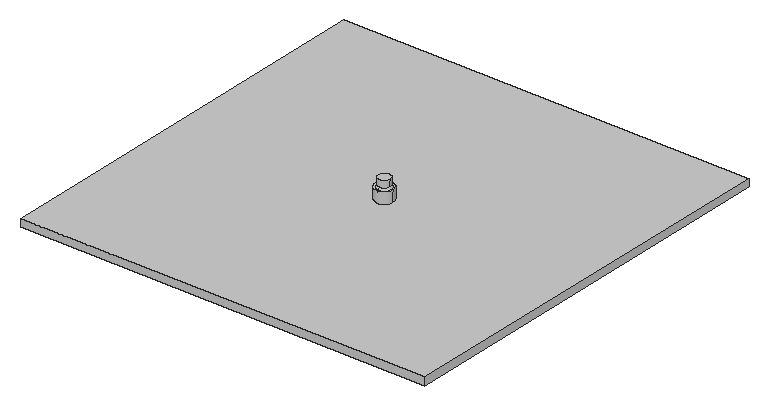
Revit family "SG0086523061CW", category Aparatos sanitarios, Revit 2019 (continued)
Forms (mm)
  Extrusion 1744, solid, material "Bronce" <- "Bronce"
    sketch origin (11.097, -686.426, 2438.4) x (1, 0, 0) y (0, 1, 0)
      loop
        circle (-336.097, 361.426) r 1
    from -53.305 to -53
  Extrusion 1745, solid, material "Bronce" <- "Bronce"
    sketch origin (50, -700, 2438.4) x (1, 0, 0) y (0, 1, 0)
      loop
        circle (-375, 375) r 0.896
    from -53.558 to -53.305
  Extrusion 1746, solid, material "Bronce" <- "Bronce"
    sketch origin (36.097, -686.426, 2438.4) x (1, 0, 0) y (0, 1, 0)
      loop
        circle (-336.097, 361.426) r 1
    from -53.305 to -53
  Extrusion 1747, solid, material "Bronce" <- "Bronce"
    sketch origin (75, -700, 2438.4) x (1, 0, 0) y (0, 1, 0)
      loop
        circle (-375, 375) r 0.896
    from -53.558 to -53.305
  Extrusion 1748, solid, material "Bronce" <- "Bronce"
    sketch origin (61.097, -686.426, 2438.4) x (1, 0, 0) y (0, 1, 0)
      loop
        circle (-336.097, 361.426) r 1
    from -53.305 to -53
  Extrusion 1749, solid, material "Bronce" <- "Bronce"
    sketch origin (100, -700, 2438.4) x (1, 0, 0) y (0, 1, 0)
      loop
        circle (-375, 375) r 0.896
    from -53.558 to -53.305
  Extrusion 1750, solid, material "Bronce" <- "Bronce"
    sketch origin (86.097, -686.426, 2438.4) x (1, 0, 0) y (0, 1, 0)
      loop
        circle (-336.097, 361.426) r 1
    from -53.305 to -53
  Extrusion 1751, solid, material "Bronce" <- "Bronce"
    sketch origin (125, -700, 2438.4) x (1, 0, 0) y (0, 1, 0)
      loop
        circle (-375, 375) r 0.896
    from -53.558 to -53.305
  Extrusion 1752, solid, material "Bronce" <- "Bronce"
    sketch origin (111.097, -686.426, 2438.4) x (1, 0, 0) y (0, 1, 0)
      loop
        circle (-336.097, 361.426) r 1
    from -53.305 to -53
  Extrusion 1753, solid, material "Bronce" <- "Bronce"
    sketch origin (150, -700, 2438.4) x (1, 0, 0) y (0, 1, 0)
      loop
        circle (-375, 375) r 0.896
    from -53.558 to -53.305
  Extrusion 1754, solid, material "Bronce" <- "Bronce"
    sketch origin (136.097, -686.426, 2438.4) x (1, 0, 0) y (0, 1, 0)
      loop
        circle (-336.097, 361.426) r 1
    from -53.305 to -53
  Extrusion 1755, solid, material "Bronce" <- "Bronce"
    sketch origin (175, -700, 2438.4) x (1, 0, 0) y (0, 1, 0)
      loop
        circle (-375, 375) r 0.896
    from -53.558 to -53.305
  Extrusion 1756, solid, material "Bronce" <- "Bronce"
    sketch origin (161.097, -686.426, 2438.4) x (1, 0, 0) y (0, 1, 0)
      loop
        circle (-336.097, 361.426) r 1
    from -53.305 to -53
  Extrusion 1757, solid, material "Bronce" <- "Bronce"
    sketch origin (200, -700, 2438.4) x (1, 0, 0) y (0, 1, 0)
      loop
        circle (-375, 375) r 0.896
    from -53.558 to -53.305
  Extrusion 1758, solid, material "Bronce" <- "Bronce"
    sketch origin (186.097, -686.426, 2438.4) x (1, 0, 0) y (0, 1, 0)
      loop
        circle (-336.097, 361.426) r 1
    from -53.305 to -53
  Extrusion 1759, solid, material "Bronce" <- "Bronce"
    sketch origin (225, -700, 2438.4) x (1, 0, 0) y (0, 1, 0)
      loop
        circle (-375, 375) r 0.896
    from -53.558 to -53.305
  Extrusion 1760, solid, material "Bronce" <- "Bronce"
    sketch origin (211.097, -686.426, 2438.4) x (1, 0, 0) y (0, 1, 0)
      loop
        circle (-336.097, 361.426) r 1
    from -53.305 to -53
  Extrusion 1761, solid, material "Bronce" <- "Bronce"
    sketch origin (250, -700, 2438.4) x (1, 0, 0) y (0, 1, 0)
      loop
        circle (-375, 375) r 0.896
    from -53.558 to -53.305
  Extrusion 1762, solid, material "Bronce" <- "Bronce"
    sketch origin (236.097, -686.426, 2438.4) x (1, 0, 0) y (0, 1, 0)
      loop
        circle (-336.097, 361.426) r 1
    from -53.305 to -53
  Extrusion 1763, solid, material "Bronce" <- "Bronce"
    sketch origin (275, -700, 2438.4) x (1, 0, 0) y (0, 1, 0)
      loop
        circle (-375, 375) r 0.896
    from -53.558 to -53.305
  Extrusion 1764, solid, material "Bronce" <- "Bronce"
    sketch origin (261.097, -686.426, 2438.4) x (1, 0, 0) y (0, 1, 0)
      loop
        circle (-336.097, 361.426) r 1
    from -53.305 to -53
  Extrusion 1765, solid, material "Bronce" <- "Bronce"
    sketch origin (300, -700, 2438.4) x (1, 0, 0) y (0, 1, 0)
      loop
        circle (-375, 375) r 0.896
    from -53.558 to -53.305
  Extrusion 1766, solid, material "Bronce" <- "Bronce"
    sketch origin (286.097, -686.426, 2438.4) x (1, 0, 0) y (0, 1, 0)
      loop
        circle (-336.097, 361.426) r 1
    from -53.305 to -53
  Extrusion 1767, solid, material "Bronce" <- "Bronce"
    sketch origin (325, -700, 2438.4) x (1, 0, 0) y (0, 1, 0)
      loop
        circle (-375, 375) r 0.896
    from -53.558 to -53.305
  Extrusion 1768, solid, material "Bronce" <- "Bronce"
    sketch origin (311.097, -686.426, 2438.4) x (1, 0, 0) y (0, 1, 0)
      loop
        circle (-336.097, 361.426) r 1
    from -53.305 to -53
  Extrusion 1769, solid, material "Bronce" <- "Bronce"
    sketch origin (350, -700, 2438.4) x (1, 0, 0) y (0, 1, 0)
      loop
        circle (-375, 375) r 0.896
    from -53.558 to -53.305
  Extrusion 1770, solid, material "Bronce" <- "Bronce"
    sketch origin (336.097, -686.426, 2438.4) x (1, 0, 0) y (0, 1, 0)
      loop
        circle (-336.097, 361.426) r 1
    from -53.305 to -53
  Extrusion 1771, solid, material "Bronce" <- "Bronce"
    sketch origin (375, -700, 2438.4) x (1, 0, 0) y (0, 1, 0)
      loop
        circle (-375, 375) r 0.896
    from -53.558 to -53.305
  Extrusion 1772, solid, material "Bronce" <- "Bronce"
    sketch origin (361.097, -686.426, 2438.4) x (1, 0, 0) y (0, 1, 0)
      loop
        circle (-336.097, 361.426) r 1
    from -53.305 to -53
  Extrusion 1773, solid, material "Bronce" <- "Bronce"
    sketch origin (400, -700, 2438.4) x (1, 0, 0) y (0, 1, 0)
      loop
        circle (-375, 375) r 0.896
    from -53.558 to -53.305
  Extrusion 1774, solid, material "Bronce" <- "Bronce"
    sketch origin (386.097, -686.426, 2438.4) x (1, 0, 0) y (0, 1, 0)
      loop
        circle (-336.097, 361.426) r 1
    from -53.305 to -53
  Extrusion 1775, solid, material "Bronce" <- "Bronce"
    sketch origin (425, -700, 2438.4) x (1, 0, 0) y (0, 1, 0)
      loop
        circle (-375, 375) r 0.896
    from -53.558 to -53.305
  Extrusion 1776, solid, material "Bronce" <- "Bronce"
    sketch origin (411.097, -686.426, 2438.4) x (1, 0, 0) y (0, 1, 0)
      loop
        circle (-336.097, 361.426) r 1
    from -53.305 to -53
  Extrusion 1777, solid, material "Bronce" <- "Bronce"
    sketch origin (450, -700, 2438.4) x (1, 0, 0) y (0, 1, 0)
      loop
        circle (-375, 375) r 0.896
    from -53.558 to -53.305
  Extrusion 1778, solid, material "Bronce" <- "Bronce"
    sketch origin (436.097, -686.426, 2438.4) x (1, 0, 0) y (0, 1, 0)
      loop
        circle (-336.097, 361.426) r 1
    from -53.305 to -53
  Extrusion 1779, solid, material "Bronce" <- "Bronce"
    sketch origin (475, -700, 2438.4) x (1, 0, 0) y (0, 1, 0)
      loop
        circle (-375, 375) r 0.896
    from -53.558 to -53.305
  Extrusion 1780, solid, material "Bronce" <- "Bronce"
    sketch origin (461.097, -686.426, 2438.4) x (1, 0, 0) y (0, 1, 0)
      loop
        circle (-336.097, 361.426) r 1
    from -53.305 to -53
  Extrusion 1781, solid, material "Bronce" <- "Bronce"
    sketch origin (500, -700, 2438.4) x (1, 0, 0) y (0, 1, 0)
      loop
        circle (-375, 375) r 0.896
    from -53.558 to -53.305
  Extrusion 1782, solid, material "Bronce" <- "Bronce"
    sketch origin (486.097, -686.426, 2438.4) x (1, 0, 0) y (0, 1, 0)
      loop
        circle (-336.097, 361.426) r 1
    from -53.305 to -53
  Extrusion 1783, solid, material "Bronce" <- "Bronce"
    sketch origin (525, -700, 2438.4) x (1, 0, 0) y (0, 1, 0)
      loop
        circle (-375, 375) r 0.896
    from -53.558 to -53.305
  Extrusion 1784, solid, material "Bronce" <- "Bronce"
    sketch origin (511.097, -686.426, 2438.4) x (1, 0, 0) y (0, 1, 0)
      loop
        circle (-336.097, 361.426) r 1
    from -53.305 to -53
  Extrusion 1785, solid, material "Bronce" <- "Bronce"
    sketch origin (550, -700, 2438.4) x (1, 0, 0) y (0, 1, 0)
      loop
        circle (-375, 375) r 0.896
    from -53.558 to -53.305
  Extrusion 1786, solid, material "Bronce" <- "Bronce"
    sketch origin (536.097, -686.426, 2438.4) x (1, 0, 0) y (0, 1, 0)
      loop
        circle (-336.097, 361.426) r 1
    from -53.305 to -53
  Extrusion 1787, solid, material "Bronce" <- "Bronce"
    sketch origin (575, -700, 2438.4) x (1, 0, 0) y (0, 1, 0)
      loop
        circle (-375, 375) r 0.896
    from -53.558 to -53.305
  Extrusion 1788, solid, material "Bronce" <- "Bronce"
    sketch origin (561.097, -686.426, 2438.4) x (1, 0, 0) y (0, 1, 0)
      loop
        circle (-336.097, 361.426) r 1
    from -53.305 to -53
  Extrusion 1789, solid, material "Bronce" <- "Bronce"
    sketch origin (600, -700, 2438.4) x (1, 0, 0) y (0, 1, 0)
      loop
        circle (-375, 375) r 0.896
    from -53.558 to -53.305
  Extrusion 1790, solid, material "Bronce" <- "Bronce"
    sketch origin (586.097, -686.426, 2438.4) x (1, 0, 0) y (0, 1, 0)
      loop
        circle (-336.097, 361.426) r 1
    from -53.305 to -53
  Extrusion 1791, solid, material "Bronce" <- "Bronce"
    sketch origin (625, -700, 2438.4) x (1, 0, 0) y (0, 1, 0)
      loop
        circle (-375, 375) r 0.896
    from -53.558 to -53.305
  Extrusion 1792, solid, material "Bronce" <- "Bronce"
    sketch origin (611.097, -686.426, 2438.4) x (1, 0, 0) y (0, 1, 0)
      loop
        circle (-336.097, 361.426) r 1
    from -53.305 to -53
  Extrusion 1793, solid, material "Bronce" <- "Bronce"
    sketch origin (650, -700, 2438.4) x (1, 0, 0) y (0, 1, 0)
      loop
        circle (-375, 375) r 0.896
    from -53.558 to -53.305
  Extrusion 1794, solid, material "Bronce" <- "Bronce"
    sketch origin (636.097, -686.426, 2438.4) x (1, 0, 0) y (0, 1, 0)
      loop
        circle (-336.097, 361.426) r 1
    from -53.305 to -53
  Extrusion 1795, solid, material "Bronce" <- "Bronce"
    sketch origin (675, -700, 2438.4) x (1, 0, 0) y (0, 1, 0)
      loop
        circle (-375, 375) r 0.896
    from -53.558 to -53.305
  Extrusion 1796, solid, material "Bronce" <- "Bronce"
    sketch origin (661.097, -686.426, 2438.4) x (1, 0, 0) y (0, 1, 0)
      loop
        circle (-336.097, 361.426) r 1
    from -53.305 to -53
  Extrusion 1797, solid, material "Bronce" <- "Bronce"
    sketch origin (700, -700, 2438.4) x (1, 0, 0) y (0, 1, 0)
      loop
        circle (-375, 375) r 0.896
    from -53.558 to -53.305
  Extrusion 1798, solid, material "Bronce" <- "Bronce"
    sketch origin (686.097, -686.426, 2438.4) x (1, 0, 0) y (0, 1, 0)
      loop
        circle (-336.097, 361.426) r 1
    from -53.305 to -53
  Extrusion 1799, solid, material "Bronce" <- "Bronce"
    sketch origin (725, -700, 2438.4) x (1, 0, 0) y (0, 1, 0)
      loop
        circle (-375, 375) r 0.896
    from -53.558 to -53.305
  Extrusion 1800, solid, material "Bronce" <- "Bronce"
    sketch origin (711.097, -686.426, 2438.4) x (1, 0, 0) y (0, 1, 0)
      loop
        circle (-336.097, 361.426) r 1
    from -53.305 to -53
  Extrusion 1801, solid, material "Bronce" <- "Bronce"
    sketch origin (750, -700, 2438.4) x (1, 0, 0) y (0, 1, 0)
      loop
        circle (-375, 375) r 0.896
    from -53.558 to -53.305
  Extrusion 1802, solid, material "Bronce" <- "Bronce"
    sketch origin (-38.903, -711.426, 2438.4) x (1, 0, 0) y (0, 1, 0)
      loop
        circle (-336.097, 361.426) r 1
    from -53.305 to -53
  Extrusion 1803, solid, material "Bronce" <- "Bronce"
    sketch origin (0, -725, 2438.4) x (1, 0, 0) y (0, 1, 0)
      loop
        circle (-375, 375) r 0.896
    from -53.558 to -53.305
  Extrusion 1804, solid, material "Bronce" <- "Bronce"
    sketch origin (-13.903, -711.426, 2438.4) x (1, 0, 0) y (0, 1, 0)
      loop
        circle (-336.097, 361.426) r 1
    from -53.305 to -53
  Extrusion 1805, solid, material "Bronce" <- "Bronce"
    sketch origin (25, -725, 2438.4) x (1, 0, 0) y (0, 1, 0)
      loop
        circle (-375, 375) r 0.896
    from -53.558 to -53.305
  Extrusion 1806, solid, material "Bronce" <- "Bronce"
    sketch origin (11.097, -711.426, 2438.4) x (1, 0, 0) y (0, 1, 0)
      loop
        circle (-336.097, 361.426) r 1
    from -53.305 to -53
  Extrusion 1807, solid, material "Bronce" <- "Bronce"
    sketch origin (50, -725, 2438.4) x (1, 0, 0) y (0, 1, 0)
      loop
        circle (-375, 375) r 0.896
    from -53.558 to -53.305
  Extrusion 1808, solid, material "Bronce" <- "Bronce"
    sketch origin (36.097, -711.426, 2438.4) x (1, 0, 0) y (0, 1, 0)
      loop
        circle (-336.097, 361.426) r 1
    from -53.305 to -53
  Extrusion 1809, solid, material "Bronce" <- "Bronce"
    sketch origin (75, -725, 2438.4) x (1, 0, 0) y (0, 1, 0)
      loop
        circle (-375, 375) r 0.896
    from -53.558 to -53.305
  Extrusion 1810, solid, material "Bronce" <- "Bronce"
    sketch origin (61.097, -711.426, 2438.4) x (1, 0, 0) y (0, 1, 0)
      loop
        circle (-336.097, 361.426) r 1
    from -53.305 to -53
  Extrusion 1811, solid, material "Bronce" <- "Bronce"
    sketch origin (100, -725, 2438.4) x (1, 0, 0) y (0, 1, 0)
      loop
        circle (-375, 375) r 0.896
    from -53.558 to -53.305
  Extrusion 1812, solid, material "Bronce" <- "Bronce"
    sketch origin (86.097, -711.426, 2438.4) x (1, 0, 0) y (0, 1, 0)
      loop
        circle (-336.097, 361.426) r 1
    from -53.305 to -53
  Extrusion 1813, solid, material "Bronce" <- "Bronce"
    sketch origin (125, -725, 2438.4) x (1, 0, 0) y (0, 1, 0)
      loop
        circle (-375, 375) r 0.896
    from -53.558 to -53.305
  Extrusion 1814, solid, material "Bronce" <- "Bronce"
    sketch origin (111.097, -711.426, 2438.4) x (1, 0, 0) y (0, 1, 0)
      loop
        circle (-336.097, 361.426) r 1
    from -53.305 to -53
  Extrusion 1815, solid, material "Bronce" <- "Bronce"
    sketch origin (150, -725, 2438.4) x (1, 0, 0) y (0, 1, 0)
      loop
        circle (-375, 375) r 0.896
    from -53.558 to -53.305
  Extrusion 1816, solid, material "Bronce" <- "Bronce"
    sketch origin (136.097, -711.426, 2438.4) x (1, 0, 0) y (0, 1, 0)
      loop
        circle (-336.097, 361.426) r 1
    from -53.305 to -53
  Extrusion 1817, solid, material "Bronce" <- "Bronce"
    sketch origin (175, -725, 2438.4) x (1, 0, 0) y (0, 1, 0)
      loop
        circle (-375, 375) r 0.896
    from -53.558 to -53.305
  Extrusion 1818, solid, material "Bronce" <- "Bronce"
    sketch origin (161.097, -711.426, 2438.4) x (1, 0, 0) y (0, 1, 0)
      loop
        circle (-336.097, 361.426) r 1
    from -53.305 to -53
  Extrusion 1819, solid, material "Bronce" <- "Bronce"
    sketch origin (200, -725, 2438.4) x (1, 0, 0) y (0, 1, 0)
      loop
        circle (-375, 375) r 0.896
    from -53.558 to -53.305
  Extrusion 1820, solid, material "Bronce" <- "Bronce"
    sketch origin (186.097, -711.426, 2438.4) x (1, 0, 0) y (0, 1, 0)
      loop
        circle (-336.097, 361.426) r 1
    from -53.305 to -53
  Extrusion 1821, solid, material "Bronce" <- "Bronce"
    sketch origin (225, -725, 2438.4) x (1, 0, 0) y (0, 1, 0)
      loop
        circle (-375, 375) r 0.896
    from -53.558 to -53.305
  Extrusion 1822, solid, material "Bronce" <- "Bronce"
    sketch origin (211.097, -711.426, 2438.4) x (1, 0, 0) y (0, 1, 0)
      loop
        circle (-336.097, 361.426) r 1
    from -53.305 to -53
  Extrusion 1823, solid, material "Bronce" <- "Bronce"
    sketch origin (250, -725, 2438.4) x (1, 0, 0) y (0, 1, 0)
      loop
        circle (-375, 375) r 0.896
    from -53.558 to -53.305
  Extrusion 1824, solid, material "Bronce" <- "Bronce"
    sketch origin (236.097, -711.426, 2438.4) x (1, 0, 0) y (0, 1, 0)
      loop
        circle (-336.097, 361.426) r 1
    from -53.305 to -53
  Extrusion 1825, solid, material "Bronce" <- "Bronce"
    sketch origin (275, -725, 2438.4) x (1, 0, 0) y (0, 1, 0)
      loop
        circle (-375, 375) r 0.896
    from -53.558 to -53.305
  Extrusion 1826, solid, material "Bronce" <- "Bronce"
    sketch origin (261.097, -711.426, 2438.4) x (1, 0, 0) y (0, 1, 0)
      loop
        circle (-336.097, 361.426) r 1
    from -53.305 to -53
  Extrusion 1827, solid, material "Bronce" <- "Bronce"
    sketch origin (300, -725, 2438.4) x (1, 0, 0) y (0, 1, 0)
      loop
        circle (-375, 375) r 0.896
    from -53.558 to -53.305
  Extrusion 1828, solid, material "Bronce" <- "Bronce"
    sketch origin (286.097, -711.426, 2438.4) x (1, 0, 0) y (0, 1, 0)
      loop
        circle (-336.097, 361.426) r 1
    from -53.305 to -53
  Extrusion 1829, solid, material "Bronce" <- "Bronce"
    sketch origin (325, -725, 2438.4) x (1, 0, 0) y (0, 1, 0)
      loop
        circle (-375, 375) r 0.896
    from -53.558 to -53.305
  Extrusion 1830, solid, material "Bronce" <- "Bronce"
    sketch origin (311.097, -711.426, 2438.4) x (1, 0, 0) y (0, 1, 0)
      loop
        circle (-336.097, 361.426) r 1
    from -53.305 to -53
  Extrusion 1831, solid, material "Bronce" <- "Bronce"
    sketch origin (350, -725, 2438.4) x (1, 0, 0) y (0, 1, 0)
      loop
        circle (-375, 375) r 0.896
    from -53.558 to -53.305
  Extrusion 1832, solid, material "Bronce" <- "Bronce"
    sketch origin (336.097, -711.426, 2438.4) x (1, 0, 0) y (0, 1, 0)
      loop
        circle (-336.097, 361.426) r 1
    from -53.305 to -53
  Extrusion 1833, solid, material "Bronce" <- "Bronce"
    sketch origin (375, -725, 2438.4) x (1, 0, 0) y (0, 1, 0)
      loop
        circle (-375, 375) r 0.896
    from -53.558 to -53.305
  Extrusion 1834, solid, material "Bronce" <- "Bronce"
    sketch origin (361.097, -711.426, 2438.4) x (1, 0, 0) y (0, 1, 0)
      loop
        circle (-336.097, 361.426) r 1
    from -53.305 to -53
  Extrusion 1835, solid, material "Bronce" <- "Bronce"
    sketch origin (400, -725, 2438.4) x (1, 0, 0) y (0, 1, 0)
      loop
        circle (-375, 375) r 0.896
    from -53.558 to -53.305
  Extrusion 1836, solid, material "Bronce" <- "Bronce"
    sketch origin (386.097, -711.426, 2438.4) x (1, 0, 0) y (0, 1, 0)
      loop
        circle (-336.097, 361.426) r 1
    from -53.305 to -53
  Extrusion 1837, solid, material "Bronce" <- "Bronce"
    sketch origin (425, -725, 2438.4) x (1, 0, 0) y (0, 1, 0)
      loop
        circle (-375, 375) r 0.896
    from -53.558 to -53.305
  Extrusion 1838, solid, material "Bronce" <- "Bronce"
    sketch origin (411.097, -711.426, 2438.4) x (1, 0, 0) y (0, 1, 0)
      loop
        circle (-336.097, 361.426) r 1
    from -53.305 to -53
  Extrusion 1839, solid, material "Bronce" <- "Bronce"
    sketch origin (450, -725, 2438.4) x (1, 0, 0) y (0, 1, 0)
      loop
        circle (-375, 375) r 0.896
    from -53.558 to -53.305
  Extrusion 1840, solid, material "Bronce" <- "Bronce"
    sketch origin (436.097, -711.426, 2438.4) x (1, 0, 0) y (0, 1, 0)
      loop
        circle (-336.097, 361.426) r 1
    from -53.305 to -53
  Extrusion 1841, solid, material "Bronce" <- "Bronce"
    sketch origin (475, -725, 2438.4) x (1, 0, 0) y (0, 1, 0)
      loop
        circle (-375, 375) r 0.896
    from -53.558 to -53.305
  Extrusion 1842, solid, material "Bronce" <- "Bronce"
    sketch origin (461.097, -711.426, 2438.4) x (1, 0, 0) y (0, 1, 0)
      loop
        circle (-336.097, 361.426) r 1
    from -53.305 to -53
  Extrusion 1843, solid, material "Bronce" <- "Bronce"
    sketch origin (500, -725, 2438.4) x (1, 0, 0) y (0, 1, 0)
      loop
        circle (-375, 375) r 0.896
    from -53.558 to -53.305
  Extrusion 1844, solid, material "Bronce" <- "Bronce"
    sketch origin (486.097, -711.426, 2438.4) x (1, 0, 0) y (0, 1, 0)
      loop
        circle (-336.097, 361.426) r 1
    from -53.305 to -53
  Extrusion 1845, solid, material "Bronce" <- "Bronce"
    sketch origin (525, -725, 2438.4) x (1, 0, 0) y (0, 1, 0)
      loop
        circle (-375, 375) r 0.896
    from -53.558 to -53.305
  Extrusion 1846, solid, material "Bronce" <- "Bronce"
    sketch origin (511.097, -711.426, 2438.4) x (1, 0, 0) y (0, 1, 0)
      loop
        circle (-336.097, 361.426) r 1
    from -53.305 to -53
  Extrusion 1847, solid, material "Bronce" <- "Bronce"
    sketch origin (550, -725, 2438.4) x (1, 0, 0) y (0, 1, 0)
      loop
        circle (-375, 375) r 0.896
    from -53.558 to -53.305
  Extrusion 1848, solid, material "Bronce" <- "Bronce"
    sketch origin (536.097, -711.426, 2438.4) x (1, 0, 0) y (0, 1, 0)
      loop
        circle (-336.097, 361.426) r 1
    from -53.305 to -53
  Extrusion 1849, solid, material "Bronce" <- "Bronce"
    sketch origin (575, -725, 2438.4) x (1, 0, 0) y (0, 1, 0)
      loop
        circle (-375, 375) r 0.896
    from -53.558 to -53.305
  Extrusion 1850, solid, material "Bronce" <- "Bronce"
    sketch origin (561.097, -711.426, 2438.4) x (1, 0, 0) y (0, 1, 0)
      loop
        circle (-336.097, 361.426) r 1
    from -53.305 to -53
  Extrusion 1851, solid, material "Bronce" <- "Bronce"
    sketch origin (600, -725, 2438.4) x (1, 0, 0) y (0, 1, 0)
      loop
        circle (-375, 375) r 0.896
    from -53.558 to -53.305
  Extrusion 1852, solid, material "Bronce" <- "Bronce"
    sketch origin (586.097, -711.426, 2438.4) x (1, 0, 0) y (0, 1, 0)
      loop
        circle (-336.097, 361.426) r 1
    from -53.305 to -53
  Extrusion 1853, solid, material "Bronce" <- "Bronce"
    sketch origin (625, -725, 2438.4) x (1, 0, 0) y (0, 1, 0)
      loop
        circle (-375, 375) r 0.896
    from -53.558 to -53.305
  Extrusion 1854, solid, material "Bronce" <- "Bronce"
    sketch origin (611.097, -711.426, 2438.4) x (1, 0, 0) y (0, 1, 0)
      loop
        circle (-336.097, 361.426) r 1
    from -53.305 to -53
  Extrusion 1855, solid, material "Bronce" <- "Bronce"
    sketch origin (650, -725, 2438.4) x (1, 0, 0) y (0, 1, 0)
      loop
        circle (-375, 375) r 0.896
    from -53.558 to -53.305
  Extrusion 1856, solid, material "Bronce" <- "Bronce"
    sketch origin (636.097, -711.426, 2438.4) x (1, 0, 0) y (0, 1, 0)
      loop
        circle (-336.097, 361.426) r 1
    from -53.305 to -53
  Extrusion 1857, solid, material "Bronce" <- "Bronce"
    sketch origin (675, -725, 2438.4) x (1, 0, 0) y (0, 1, 0)
      loop
        circle (-375, 375) r 0.896
    from -53.558 to -53.305
  Extrusion 1858, solid, material "Bronce" <- "Bronce"
    sketch origin (661.097, -711.426, 2438.4) x (1, 0, 0) y (0, 1, 0)
      loop
        circle (-336.097, 361.426) r 1
    from -53.305 to -53
  Extrusion 1859, solid, material "Bronce" <- "Bronce"
    sketch origin (700, -725, 2438.4) x (1, 0, 0) y (0, 1, 0)
      loop
        circle (-375, 375) r 0.896
    from -53.558 to -53.305
  Extrusion 1860, solid, material "Bronce" <- "Bronce"
    sketch origin (686.097, -711.426, 2438.4) x (1, 0, 0) y (0, 1, 0)
      loop
        circle (-336.097, 361.426) r 1
    from -53.305 to -53
  Extrusion 1861, solid, material "Bronce" <- "Bronce"
    sketch origin (725, -725, 2438.4) x (1, 0, 0) y (0, 1, 0)
      loop
        circle (-375, 375) r 0.896
    from -53.558 to -53.305
  Extrusion 1862, solid, material "Bronce" <- "Bronce"
    sketch origin (711.097, -711.426, 2438.4) x (1, 0, 0) y (0, 1, 0)
      loop
        circle (-336.097, 361.426) r 1
    from -53.305 to -53
  Extrusion 1863, solid, material "Bronce" <- "Bronce"
    sketch origin (750, -725, 2438.4) x (1, 0, 0) y (0, 1, 0)
      loop
        circle (-375, 375) r 0.896
    from -53.558 to -53.305
  Extrusion 1864, solid, material "Bronce" <- "Bronce"
    sketch origin (0, 0, 2438.4) x (1, 0, 0) y (0, 1, 0)
      loop
        circle (0, 0) r 11.5
    from -12 to 0
  Extrusion 1865, solid, material "Bronce" <- "Bronce"
    sketch origin (0, 0, 2438.4) x (1, 0, 0) y (0, 1, 0)
      loop
        circle (0, 0) r 17.5
    from -38 to -17
  Extrusion 1866, solid, material "Bronce" <- "Bronce"
    sketch origin (0, 0, 2438.4) x (1, 0, 0) y (0, 1, 0)
      loop
        circle (0, 0) r 7.7
    from -13.417 to -12
  Revolve 1867, solid, material "Bronce" <- "Bronce"
    sketch origin (0, 0, 0) x (0, 1, 0) y (0, 0, 1)
      loop
        line (0, 2424.983) -> (-7.7, 2424.983)
        arc (-7.7, 2424.983) -> (-10.899, 2424.003) -> (-13, 2421.4) r 5.711
        line (-13, 2421.4) -> (0, 2421.4) -> (0, 2424.983)
      axis (0, 2421.4) -> (0, 2424.983)
    angle from 0 to 360
  Extrusion 1868, solid, material "Bronce" <- "Bronce"
    sketch origin (-38.903, -736.426, 2438.4) x (1, 0, 0) y (0, 1, 0)
      loop
        circle (-336.097, 361.426) r 1
    from -53.305 to -53
  Extrusion 1869, solid, material "Bronce" <- "Bronce"
    sketch origin (0, -750, 2438.4) x (1, 0, 0) y (0, 1, 0)
      loop
        circle (-375, 375) r 0.896
    from -53.558 to -53.305
  Extrusion 1870, solid, material "Bronce" <- "Bronce"
    sketch origin (-13.903, -736.426, 2438.4) x (1, 0, 0) y (0, 1, 0)
      loop
        circle (-336.097, 361.426) r 1
    from -53.305 to -53
  Extrusion 1871, solid, material "Bronce" <- "Bronce"
    sketch origin (25, -750, 2438.4) x (1, 0, 0) y (0, 1, 0)
      loop
        circle (-375, 375) r 0.896
    from -53.558 to -53.305
  Extrusion 1872, solid, material "Bronce" <- "Bronce"
    sketch origin (11.097, -736.426, 2438.4) x (1, 0, 0) y (0, 1, 0)
      loop
        circle (-336.097, 361.426) r 1
    from -53.305 to -53
  Extrusion 1873, solid, material "Bronce" <- "Bronce"
    sketch origin (50, -750, 2438.4) x (1, 0, 0) y (0, 1, 0)
      loop
        circle (-375, 375) r 0.896
    from -53.558 to -53.305
  Extrusion 1874, solid, material "Bronce" <- "Bronce"
    sketch origin (36.097, -736.426, 2438.4) x (1, 0, 0) y (0, 1, 0)
      loop
        circle (-336.097, 361.426) r 1
    from -53.305 to -53
  Extrusion 1875, solid, material "Bronce" <- "Bronce"
    sketch origin (75, -750, 2438.4) x (1, 0, 0) y (0, 1, 0)
      loop
        circle (-375, 375) r 0.896
    from -53.558 to -53.305
  Extrusion 1876, solid, material "Bronce" <- "Bronce"
    sketch origin (61.097, -736.426, 2438.4) x (1, 0, 0) y (0, 1, 0)
      loop
        circle (-336.097, 361.426) r 1
    from -53.305 to -53
  Extrusion 1877, solid, material "Bronce" <- "Bronce"
    sketch origin (100, -750, 2438.4) x (1, 0, 0) y (0, 1, 0)
      loop
        circle (-375, 375) r 0.896
    from -53.558 to -53.305
  Extrusion 1878, solid, material "Bronce" <- "Bronce"
    sketch origin (86.097, -736.426, 2438.4) x (1, 0, 0) y (0, 1, 0)
      loop
        circle (-336.097, 361.426) r 1
    from -53.305 to -53
  Extrusion 1879, solid, material "Bronce" <- "Bronce"
    sketch origin (125, -750, 2438.4) x (1, 0, 0) y (0, 1, 0)
      loop
        circle (-375, 375) r 0.896
    from -53.558 to -53.305
  Extrusion 1880, solid, material "Bronce" <- "Bronce"
    sketch origin (111.097, -736.426, 2438.4) x (1, 0, 0) y (0, 1, 0)
      loop
        circle (-336.097, 361.426) r 1
    from -53.305 to -53
  Extrusion 1881, solid, material "Bronce" <- "Bronce"
    sketch origin (150, -750, 2438.4) x (1, 0, 0) y (0, 1, 0)
      loop
        circle (-375, 375) r 0.896
    from -53.558 to -53.305
  Extrusion 1882, solid, material "Bronce" <- "Bronce"
    sketch origin (136.097, -736.426, 2438.4) x (1, 0, 0) y (0, 1, 0)
      loop
        circle (-336.097, 361.426) r 1
    from -53.305 to -53
  Extrusion 1883, solid, material "Bronce" <- "Bronce"
    sketch origin (175, -750, 2438.4) x (1, 0, 0) y (0, 1, 0)
      loop
        circle (-375, 375) r 0.896
    from -53.558 to -53.305
  Extrusion 1884, solid, material "Bronce" <- "Bronce"
    sketch origin (161.097, -736.426, 2438.4) x (1, 0, 0) y (0, 1, 0)
      loop
        circle (-336.097, 361.426) r 1
    from -53.305 to -53
  Extrusion 1885, solid, material "Bronce" <- "Bronce"
    sketch origin (200, -750, 2438.4) x (1, 0, 0) y (0, 1, 0)
      loop
        circle (-375, 375) r 0.896
    from -53.558 to -53.305
  Extrusion 1886, solid, material "Bronce" <- "Bronce"
    sketch origin (186.097, -736.426, 2438.4) x (1, 0, 0) y (0, 1, 0)
      loop
        circle (-336.097, 361.426) r 1
    from -53.305 to -53
  Extrusion 1887, solid, material "Bronce" <- "Bronce"
    sketch origin (225, -750, 2438.4) x (1, 0, 0) y (0, 1, 0)
      loop
        circle (-375, 375) r 0.896
    from -53.558 to -53.305
  Extrusion 1888, solid, material "Bronce" <- "Bronce"
    sketch origin (211.097, -736.426, 2438.4) x (1, 0, 0) y (0, 1, 0)
      loop
        circle (-336.097, 361.426) r 1
    from -53.305 to -53
  Extrusion 1889, solid, material "Bronce" <- "Bronce"
    sketch origin (250, -750, 2438.4) x (1, 0, 0) y (0, 1, 0)
      loop
        circle (-375, 375) r 0.896
    from -53.558 to -53.305
  Extrusion 1890, solid, material "Bronce" <- "Bronce"
    sketch origin (236.097, -736.426, 2438.4) x (1, 0, 0) y (0, 1, 0)
      loop
        circle (-336.097, 361.426) r 1
    from -53.305 to -53
  Extrusion 1891, solid, material "Bronce" <- "Bronce"
    sketch origin (275, -750, 2438.4) x (1, 0, 0) y (0, 1, 0)
      loop
        circle (-375, 375) r 0.896
    from -53.558 to -53.305
  Extrusion 1892, solid, material "Bronce" <- "Bronce"
    sketch origin (261.097, -736.426, 2438.4) x (1, 0, 0) y (0, 1, 0)
      loop
        circle (-336.097, 361.426) r 1
    from -53.305 to -53
  Extrusion 1893, solid, material "Bronce" <- "Bronce"
    sketch origin (300, -750, 2438.4) x (1, 0, 0) y (0, 1, 0)
      loop
        circle (-375, 375) r 0.896
    from -53.558 to -53.305
  Extrusion 1894, solid, material "Bronce" <- "Bronce"
    sketch origin (286.097, -736.426, 2438.4) x (1, 0, 0) y (0, 1, 0)
      loop
        circle (-336.097, 361.426) r 1
    from -53.305 to -53
  Extrusion 1895, solid, material "Bronce" <- "Bronce"
    sketch origin (325, -750, 2438.4) x (1, 0, 0) y (0, 1, 0)
      loop
        circle (-375, 375) r 0.896
    from -53.558 to -53.305
  Extrusion 1896, solid, material "Bronce" <- "Bronce"
    sketch origin (311.097, -736.426, 2438.4) x (1, 0, 0) y (0, 1, 0)
      loop
        circle (-336.097, 361.426) r 1
    from -53.305 to -53
  Extrusion 1897, solid, material "Bronce" <- "Bronce"
    sketch origin (350, -750, 2438.4) x (1, 0, 0) y (0, 1, 0)
      loop
        circle (-375, 375) r 0.896
    from -53.558 to -53.305
  Extrusion 1898, solid, material "Bronce" <- "Bronce"
    sketch origin (336.097, -736.426, 2438.4) x (1, 0, 0) y (0, 1, 0)
      loop
        circle (-336.097, 361.426) r 1
    from -53.305 to -53
  Extrusion 1899, solid, material "Bronce" <- "Bronce"
    sketch origin (375, -750, 2438.4) x (1, 0, 0) y (0, 1, 0)
      loop
        circle (-375, 375) r 0.896
    from -53.558 to -53.305
  Extrusion 1900, solid, material "Bronce" <- "Bronce"
    sketch origin (361.097, -736.426, 2438.4) x (1, 0, 0) y (0, 1, 0)
      loop
        circle (-336.097, 361.426) r 1
    from -53.305 to -53
  Extrusion 1901, solid, material "Bronce" <- "Bronce"
    sketch origin (400, -750, 2438.4) x (1, 0, 0) y (0, 1, 0)
      loop
        circle (-375, 375) r 0.896
    from -53.558 to -53.305
  Extrusion 1902, solid, material "Bronce" <- "Bronce"
    sketch origin (386.097, -736.426, 2438.4) x (1, 0, 0) y (0, 1, 0)
      loop
        circle (-336.097, 361.426) r 1
    from -53.305 to -53
  Extrusion 1903, solid, material "Bronce" <- "Bronce"
    sketch origin (425, -750, 2438.4) x (1, 0, 0) y (0, 1, 0)
      loop
        circle (-375, 375) r 0.896
    from -53.558 to -53.305
  Extrusion 1904, solid, material "Bronce" <- "Bronce"
    sketch origin (411.097, -736.426, 2438.4) x (1, 0, 0) y (0, 1, 0)
      loop
        circle (-336.097, 361.426) r 1
    from -53.305 to -53
  Extrusion 1905, solid, material "Bronce" <- "Bronce"
    sketch origin (450, -750, 2438.4) x (1, 0, 0) y (0, 1, 0)
      loop
        circle (-375, 375) r 0.896
    from -53.558 to -53.305
  Extrusion 1906, solid, material "Bronce" <- "Bronce"
    sketch origin (436.097, -736.426, 2438.4) x (1, 0, 0) y (0, 1, 0)
      loop
        circle (-336.097, 361.426) r 1
    from -53.305 to -53
  Extrusion 1907, solid, material "Bronce" <- "Bronce"
    sketch origin (475, -750, 2438.4) x (1, 0, 0) y (0, 1, 0)
      loop
        circle (-375, 375) r 0.896
    from -53.558 to -53.305
  Extrusion 1908, solid, material "Bronce" <- "Bronce"
    sketch origin (461.097, -736.426, 2438.4) x (1, 0, 0) y (0, 1, 0)
      loop
        circle (-336.097, 361.426) r 1
    from -53.305 to -53
  Extrusion 1909, solid, material "Bronce" <- "Bronce"
    sketch origin (500, -750, 2438.4) x (1, 0, 0) y (0, 1, 0)
      loop
        circle (-375, 375) r 0.896
    from -53.558 to -53.305
  Extrusion 1910, solid, material "Bronce" <- "Bronce"
    sketch origin (486.097, -736.426, 2438.4) x (1, 0, 0) y (0, 1, 0)
      loop
        circle (-336.097, 361.426) r 1
    from -53.305 to -53
  Extrusion 1911, solid, material "Bronce" <- "Bronce"
    sketch origin (525, -750, 2438.4) x (1, 0, 0) y (0, 1, 0)
      loop
        circle (-375, 375) r 0.896
    from -53.558 to -53.305
  Extrusion 1912, solid, material "Bronce" <- "Bronce"
    sketch origin (511.097, -736.426, 2438.4) x (1, 0, 0) y (0, 1, 0)
      loop
        circle (-336.097, 361.426) r 1
    from -53.305 to -53
  Extrusion 1913, solid, material "Bronce" <- "Bronce"
    sketch origin (550, -750, 2438.4) x (1, 0, 0) y (0, 1, 0)
      loop
        circle (-375, 375) r 0.896
    from -53.558 to -53.305
  Extrusion 1914, solid, material "Bronce" <- "Bronce"
    sketch origin (536.097, -736.426, 2438.4) x (1, 0, 0) y (0, 1, 0)
      loop
        circle (-336.097, 361.426) r 1
    from -53.305 to -53
  Extrusion 1915, solid, material "Bronce" <- "Bronce"
    sketch origin (575, -750, 2438.4) x (1, 0, 0) y (0, 1, 0)
      loop
        circle (-375, 375) r 0.896
    from -53.558 to -53.305
  Extrusion 1916, solid, material "Bronce" <- "Bronce"
    sketch origin (561.097, -736.426, 2438.4) x (1, 0, 0) y (0, 1, 0)
      loop
        circle (-336.097, 361.426) r 1
    from -53.305 to -53
  Extrusion 1917, solid, material "Bronce" <- "Bronce"
    sketch origin (600, -750, 2438.4) x (1, 0, 0) y (0, 1, 0)
      loop
        circle (-375, 375) r 0.896
    from -53.558 to -53.305
  Extrusion 1918, solid, material "Bronce" <- "Bronce"
    sketch origin (586.097, -736.426, 2438.4) x (1, 0, 0) y (0, 1, 0)
      loop
        circle (-336.097, 361.426) r 1
    from -53.305 to -53
  Extrusion 1919, solid, material "Bronce" <- "Bronce"
    sketch origin (625, -750, 2438.4) x (1, 0, 0) y (0, 1, 0)
      loop
        circle (-375, 375) r 0.896
    from -53.558 to -53.305
  Extrusion 1920, solid, material "Bronce" <- "Bronce"
    sketch origin (611.097, -736.426, 2438.4) x (1, 0, 0) y (0, 1, 0)
      loop
        circle (-336.097, 361.426) r 1
    from -53.305 to -53
  Extrusion 1921, solid, material "Bronce" <- "Bronce"
    sketch origin (650, -750, 2438.4) x (1, 0, 0) y (0, 1, 0)
      loop
        circle (-375, 375) r 0.896
    from -53.558 to -53.305
  Extrusion 1922, solid, material "Bronce" <- "Bronce"
    sketch origin (636.097, -736.426, 2438.4) x (1, 0, 0) y (0, 1, 0)
      loop
        circle (-336.097, 361.426) r 1
    from -53.305 to -53
  Extrusion 1923, solid, material "Bronce" <- "Bronce"
    sketch origin (675, -750, 2438.4) x (1, 0, 0) y (0, 1, 0)
      loop
        circle (-375, 375) r 0.896
    from -53.558 to -53.305
  Extrusion 1924, solid, material "Bronce" <- "Bronce"
    sketch origin (661.097, -736.426, 2438.4) x (1, 0, 0) y (0, 1, 0)
      loop
        circle (-336.097, 361.426) r 1
    from -53.305 to -53
  Extrusion 1925, solid, material "Bronce" <- "Bronce"
    sketch origin (700, -750, 2438.4) x (1, 0, 0) y (0, 1, 0)
      loop
        circle (-375, 375) r 0.896
    from -53.558 to -53.305
  Extrusion 1926, solid, material "Bronce" <- "Bronce"
    sketch origin (686.097, -736.426, 2438.4) x (1, 0, 0) y (0, 1, 0)
      loop
        circle (-336.097, 361.426) r 1
    from -53.305 to -53
  Extrusion 1927, solid, material "Bronce" <- "Bronce"
    sketch origin (725, -750, 2438.4) x (1, 0, 0) y (0, 1, 0)
      loop
        circle (-375, 375) r 0.896
    from -53.558 to -53.305
  Extrusion 1928, solid, material "Bronce" <- "Bronce"
    sketch origin (711.097, -736.426, 2438.4) x (1, 0, 0) y (0, 1, 0)
      loop
        circle (-336.097, 361.426) r 1
    from -53.305 to -53
  Extrusion 1929, solid, material "Bronce" <- "Bronce"
    sketch origin (750, -750, 2438.4) x (1, 0, 0) y (0, 1, 0)
      loop
        circle (-375, 375) r 0.896
    from -53.558 to -53.305
Dimensions and locks
  equal spacing: host sketch curve, plane 3 "Centro (Izquierda/Derecha)", host sketch curve
  equal spacing: host sketch curve, plane 1 "Centro (Frontal/Posterior)", host sketch curve
  host sketch curve to host sketch curve = 3048.0 mm  (x2)
  equal spacing: plane 4, plane 3 "Centro (Izquierda/Derecha)", plane 5
  equal spacing: plane 6, plane 1 "Centro (Frontal/Posterior)", plane 7
  "Ancho": plane 4 to plane 5
  "Ancho": plane 6 to plane 7
  plane 2 "Techo" to plane 8 = 17.0 mm
  aligned and locked: Blend 1 to plane 9
  aligned and locked: plane 10 to Blend 1
Automatic sketch dimensions
  Blend 1 sketch curve to plane 4 = 0.0 mm  (x2)
  Blend 1 sketch curve to plane 5 = 0.0 mm  (x2)
  plane 7 to Blend 1 sketch curve = 0.0 mm  (x2)
  Blend 1 sketch curve to plane 6 = 0.0 mm  (x2)
  Extrusion 2 sketch curve to plane 4 = 25.0 mm
  Extrusion 2 sketch curve to plane 6 = 25.0 mm
  Extrusion 3 sketch curve to plane 4 = 25.0 mm
  Extrusion 3 sketch curve to plane 6 = 25.0 mm
  Extrusion 4 sketch curve to plane 4 = 50.0 mm
  Extrusion 4 sketch curve to plane 6 = 25.0 mm
  Extrusion 5 sketch curve to plane 4 = 50.0 mm
  Extrusion 5 sketch curve to plane 6 = 25.0 mm
  Extrusion 6 sketch curve to plane 6 = 25.0 mm
  Extrusion 6 sketch curve to plane 4 = 75.0 mm
  Extrusion 7 sketch curve to plane 6 = 25.0 mm
  Extrusion 7 sketch curve to plane 4 = 75.0 mm
  Extrusion 8 sketch curve to plane 6 = 25.0 mm
  Extrusion 8 sketch curve to plane 4 = 100.0 mm
  Extrusion 9 sketch curve to plane 6 = 25.0 mm
  Extrusion 9 sketch curve to plane 4 = 100.0 mm
  Extrusion 10 sketch curve to plane 6 = 25.0 mm
  Extrusion 10 sketch curve to plane 4 = 125.0 mm
  Extrusion 11 sketch curve to plane 6 = 25.0 mm
  Extrusion 11 sketch curve to plane 4 = 125.0 mm
  Extrusion 12 sketch curve to plane 6 = 25.0 mm
  Extrusion 12 sketch curve to plane 4 = 150.0 mm
  Extrusion 13 sketch curve to plane 6 = 25.0 mm
  Extrusion 13 sketch curve to plane 4 = 150.0 mm
  Extrusion 14 sketch curve to plane 6 = 25.0 mm
  Extrusion 14 sketch curve to plane 4 = 175.0 mm
  Extrusion 15 sketch curve to plane 6 = 25.0 mm
  Extrusion 15 sketch curve to plane 4 = 175.0 mm
  Extrusion 16 sketch curve to plane 6 = 25.0 mm
  Extrusion 16 sketch curve to plane 3 "Centro (Izquierda/Derecha)" = 200.0 mm
  Extrusion 17 sketch curve to plane 6 = 25.0 mm
  Extrusion 17 sketch curve to plane 3 "Centro (Izquierda/Derecha)" = 200.0 mm
  Extrusion 18 sketch curve to plane 6 = 25.0 mm
  Extrusion 18 sketch curve to plane 3 "Centro (Izquierda/Derecha)" = 175.0 mm
  Extrusion 19 sketch curve to plane 6 = 25.0 mm
  Extrusion 19 sketch curve to plane 3 "Centro (Izquierda/Derecha)" = 175.0 mm
  Extrusion 20 sketch curve to plane 6 = 25.0 mm
  Extrusion 20 sketch curve to plane 3 "Centro (Izquierda/Derecha)" = 150.0 mm
  Extrusion 21 sketch curve to plane 6 = 25.0 mm
  Extrusion 21 sketch curve to plane 3 "Centro (Izquierda/Derecha)" = 150.0 mm
  Extrusion 22 sketch curve to plane 6 = 25.0 mm
  Extrusion 22 sketch curve to plane 3 "Centro (Izquierda/Derecha)" = 125.0 mm
  Extrusion 23 sketch curve to plane 6 = 25.0 mm
  Extrusion 23 sketch curve to plane 3 "Centro (Izquierda/Derecha)" = 125.0 mm
  Extrusion 24 sketch curve to plane 6 = 25.0 mm
  Extrusion 24 sketch curve to plane 3 "Centro (Izquierda/Derecha)" = 100.0 mm
  Extrusion 25 sketch curve to plane 6 = 25.0 mm
  Extrusion 25 sketch curve to plane 3 "Centro (Izquierda/Derecha)" = 100.0 mm
  Extrusion 26 sketch curve to plane 6 = 25.0 mm
  Extrusion 26 sketch curve to plane 3 "Centro (Izquierda/Derecha)" = 75.0 mm
  Extrusion 27 sketch curve to plane 6 = 25.0 mm
  Extrusion 27 sketch curve to plane 3 "Centro (Izquierda/Derecha)" = 75.0 mm
  Extrusion 28 sketch curve to plane 3 "Centro (Izquierda/Derecha)" = 50.0 mm
  Extrusion 28 sketch curve to plane 6 = 25.0 mm
  Extrusion 29 sketch curve to plane 3 "Centro (Izquierda/Derecha)" = 50.0 mm
  Extrusion 29 sketch curve to plane 6 = 25.0 mm
  Extrusion 30 sketch curve to plane 3 "Centro (Izquierda/Derecha)" = 25.0 mm
  Extrusion 30 sketch curve to plane 6 = 25.0 mm
  Extrusion 31 sketch curve to plane 3 "Centro (Izquierda/Derecha)" = 25.0 mm
  Extrusion 31 sketch curve to plane 6 = 25.0 mm
  Extrusion 32 sketch curve to plane 3 "Centro (Izquierda/Derecha)" = 0.0 mm
  Extrusion 32 sketch curve to plane 6 = 25.0 mm
  Extrusion 33 sketch curve to plane 3 "Centro (Izquierda/Derecha)" = 0.0 mm
  Extrusion 33 sketch curve to plane 6 = 25.0 mm
  plane 3 "Centro (Izquierda/Derecha)" to Extrusion 34 sketch curve = 25.0 mm
  Extrusion 34 sketch curve to plane 6 = 25.0 mm
  plane 3 "Centro (Izquierda/Derecha)" to Extrusion 35 sketch curve = 25.0 mm
  Extrusion 35 sketch curve to plane 6 = 25.0 mm
  plane 3 "Centro (Izquierda/Derecha)" to Extrusion 36 sketch curve = 50.0 mm
  Extrusion 36 sketch curve to plane 6 = 25.0 mm
  plane 3 "Centro (Izquierda/Derecha)" to Extrusion 37 sketch curve = 50.0 mm
  Extrusion 37 sketch curve to plane 6 = 25.0 mm
  Extrusion 38 sketch curve to plane 6 = 25.0 mm
  plane 3 "Centro (Izquierda/Derecha)" to Extrusion 38 sketch curve = 75.0 mm
  Extrusion 39 sketch curve to plane 6 = 25.0 mm
  plane 3 "Centro (Izquierda/Derecha)" to Extrusion 39 sketch curve = 75.0 mm
  Extrusion 40 sketch curve to plane 6 = 25.0 mm
  plane 3 "Centro (Izquierda/Derecha)" to Extrusion 40 sketch curve = 100.0 mm
  Extrusion 41 sketch curve to plane 6 = 25.0 mm
  plane 3 "Centro (Izquierda/Derecha)" to Extrusion 41 sketch curve = 100.0 mm
  Extrusion 42 sketch curve to plane 6 = 25.0 mm
  plane 3 "Centro (Izquierda/Derecha)" to Extrusion 42 sketch curve = 125.0 mm
  Extrusion 43 sketch curve to plane 6 = 25.0 mm
  plane 3 "Centro (Izquierda/Derecha)" to Extrusion 43 sketch curve = 125.0 mm
  Extrusion 44 sketch curve to plane 6 = 25.0 mm
  plane 3 "Centro (Izquierda/Derecha)" to Extrusion 44 sketch curve = 150.0 mm
  Extrusion 45 sketch curve to plane 6 = 25.0 mm
  plane 3 "Centro (Izquierda/Derecha)" to Extrusion 45 sketch curve = 150.0 mm
  Extrusion 46 sketch curve to plane 6 = 25.0 mm
  plane 3 "Centro (Izquierda/Derecha)" to Extrusion 46 sketch curve = 175.0 mm
  Extrusion 47 sketch curve to plane 6 = 25.0 mm
  plane 3 "Centro (Izquierda/Derecha)" to Extrusion 47 sketch curve = 175.0 mm
  Extrusion 48 sketch curve to plane 6 = 25.0 mm
  plane 3 "Centro (Izquierda/Derecha)" to Extrusion 48 sketch curve = 200.0 mm
  Extrusion 49 sketch curve to plane 6 = 25.0 mm
  plane 3 "Centro (Izquierda/Derecha)" to Extrusion 49 sketch curve = 200.0 mm
  Extrusion 50 sketch curve to plane 6 = 25.0 mm
  plane 5 to Extrusion 50 sketch curve = 175.0 mm
  Extrusion 51 sketch curve to plane 6 = 25.0 mm
  plane 5 to Extrusion 51 sketch curve = 175.0 mm
  Extrusion 52 sketch curve to plane 6 = 25.0 mm
  plane 5 to Extrusion 52 sketch curve = 150.0 mm
  Extrusion 53 sketch curve to plane 6 = 25.0 mm
  plane 5 to Extrusion 53 sketch curve = 150.0 mm
  Extrusion 54 sketch curve to plane 6 = 25.0 mm
  plane 5 to Extrusion 54 sketch curve = 125.0 mm
  Extrusion 55 sketch curve to plane 6 = 25.0 mm
  plane 5 to Extrusion 55 sketch curve = 125.0 mm
  Extrusion 56 sketch curve to plane 6 = 25.0 mm
  plane 5 to Extrusion 56 sketch curve = 100.0 mm
  Extrusion 57 sketch curve to plane 6 = 25.0 mm
  plane 5 to Extrusion 57 sketch curve = 100.0 mm
  Extrusion 58 sketch curve to plane 6 = 25.0 mm
  plane 5 to Extrusion 58 sketch curve = 75.0 mm
  Extrusion 59 sketch curve to plane 6 = 25.0 mm
  plane 5 to Extrusion 59 sketch curve = 75.0 mm
  plane 5 to Extrusion 60 sketch curve = 50.0 mm
  Extrusion 60 sketch curve to plane 6 = 25.0 mm
  plane 5 to Extrusion 61 sketch curve = 50.0 mm
  Extrusion 61 sketch curve to plane 6 = 25.0 mm
  plane 5 to Extrusion 62 sketch curve = 25.0 mm
  Extrusion 62 sketch curve to plane 6 = 25.0 mm
  plane 5 to Extrusion 63 sketch curve = 25.0 mm
  Extrusion 63 sketch curve to plane 6 = 25.0 mm
  Extrusion 66 sketch curve to plane 4 = 25.0 mm
  Extrusion 66 sketch curve to plane 6 = 50.0 mm
  Extrusion 67 sketch curve to plane 4 = 25.0 mm
  Extrusion 67 sketch curve to plane 6 = 50.0 mm
  Extrusion 68 sketch curve to plane 4 = 50.0 mm
  Extrusion 68 sketch curve to plane 6 = 50.0 mm
  Extrusion 69 sketch curve to plane 4 = 50.0 mm
  Extrusion 69 sketch curve to plane 6 = 50.0 mm
  Extrusion 70 sketch curve to plane 4 = 75.0 mm
  Extrusion 70 sketch curve to plane 6 = 50.0 mm
  Extrusion 71 sketch curve to plane 4 = 75.0 mm
  Extrusion 71 sketch curve to plane 6 = 50.0 mm
  Extrusion 72 sketch curve to plane 4 = 100.0 mm
  Extrusion 72 sketch curve to plane 6 = 50.0 mm
  Extrusion 73 sketch curve to plane 4 = 100.0 mm
  Extrusion 73 sketch curve to plane 6 = 50.0 mm
  Extrusion 74 sketch curve to plane 6 = 50.0 mm
  Extrusion 74 sketch curve to plane 4 = 125.0 mm
  Extrusion 75 sketch curve to plane 6 = 50.0 mm
  Extrusion 75 sketch curve to plane 4 = 125.0 mm
  Extrusion 76 sketch curve to plane 6 = 50.0 mm
  Extrusion 76 sketch curve to plane 4 = 150.0 mm
  Extrusion 77 sketch curve to plane 6 = 50.0 mm
  Extrusion 77 sketch curve to plane 4 = 150.0 mm
  Extrusion 78 sketch curve to plane 6 = 50.0 mm
  Extrusion 78 sketch curve to plane 4 = 175.0 mm
  Extrusion 79 sketch curve to plane 6 = 50.0 mm
  Extrusion 79 sketch curve to plane 4 = 175.0 mm
  Extrusion 80 sketch curve to plane 6 = 50.0 mm
  Extrusion 80 sketch curve to plane 3 "Centro (Izquierda/Derecha)" = 200.0 mm
  Extrusion 81 sketch curve to plane 6 = 50.0 mm
  Extrusion 81 sketch curve to plane 3 "Centro (Izquierda/Derecha)" = 200.0 mm
  Extrusion 82 sketch curve to plane 6 = 50.0 mm
  Extrusion 82 sketch curve to plane 3 "Centro (Izquierda/Derecha)" = 175.0 mm
  Extrusion 83 sketch curve to plane 6 = 50.0 mm
  Extrusion 83 sketch curve to plane 3 "Centro (Izquierda/Derecha)" = 175.0 mm
  Extrusion 84 sketch curve to plane 6 = 50.0 mm
  Extrusion 84 sketch curve to plane 3 "Centro (Izquierda/Derecha)" = 150.0 mm
  Extrusion 85 sketch curve to plane 6 = 50.0 mm
  Extrusion 85 sketch curve to plane 3 "Centro (Izquierda/Derecha)" = 150.0 mm
  Extrusion 86 sketch curve to plane 6 = 50.0 mm
  Extrusion 86 sketch curve to plane 3 "Centro (Izquierda/Derecha)" = 125.0 mm
  Extrusion 87 sketch curve to plane 6 = 50.0 mm
  Extrusion 87 sketch curve to plane 3 "Centro (Izquierda/Derecha)" = 125.0 mm
  Extrusion 88 sketch curve to plane 3 "Centro (Izquierda/Derecha)" = 100.0 mm
  Extrusion 88 sketch curve to plane 6 = 50.0 mm
  Extrusion 89 sketch curve to plane 3 "Centro (Izquierda/Derecha)" = 100.0 mm
  Extrusion 89 sketch curve to plane 6 = 50.0 mm
  Extrusion 90 sketch curve to plane 3 "Centro (Izquierda/Derecha)" = 75.0 mm
  Extrusion 90 sketch curve to plane 6 = 50.0 mm
  Extrusion 91 sketch curve to plane 3 "Centro (Izquierda/Derecha)" = 75.0 mm
  Extrusion 91 sketch curve to plane 6 = 50.0 mm
  Extrusion 92 sketch curve to plane 3 "Centro (Izquierda/Derecha)" = 50.0 mm
  Extrusion 92 sketch curve to plane 6 = 50.0 mm
  Extrusion 93 sketch curve to plane 3 "Centro (Izquierda/Derecha)" = 50.0 mm
  Extrusion 93 sketch curve to plane 6 = 50.0 mm
  Extrusion 94 sketch curve to plane 3 "Centro (Izquierda/Derecha)" = 25.0 mm
  Extrusion 94 sketch curve to plane 6 = 50.0 mm
  Extrusion 95 sketch curve to plane 3 "Centro (Izquierda/Derecha)" = 25.0 mm
  Extrusion 95 sketch curve to plane 6 = 50.0 mm
  Extrusion 96 sketch curve to plane 3 "Centro (Izquierda/Derecha)" = 0.0 mm
  Extrusion 96 sketch curve to plane 6 = 50.0 mm
  Extrusion 97 sketch curve to plane 3 "Centro (Izquierda/Derecha)" = 0.0 mm
  Extrusion 97 sketch curve to plane 6 = 50.0 mm
  plane 3 "Centro (Izquierda/Derecha)" to Extrusion 98 sketch curve = 25.0 mm
  Extrusion 98 sketch curve to plane 6 = 50.0 mm
  plane 3 "Centro (Izquierda/Derecha)" to Extrusion 99 sketch curve = 25.0 mm
  Extrusion 99 sketch curve to plane 6 = 50.0 mm
  plane 3 "Centro (Izquierda/Derecha)" to Extrusion 100 sketch curve = 50.0 mm
  Extrusion 100 sketch curve to plane 6 = 50.0 mm
  plane 3 "Centro (Izquierda/Derecha)" to Extrusion 101 sketch curve = 50.0 mm
  Extrusion 101 sketch curve to plane 6 = 50.0 mm
  plane 3 "Centro (Izquierda/Derecha)" to Extrusion 102 sketch curve = 75.0 mm
  Extrusion 102 sketch curve to plane 6 = 50.0 mm
  plane 3 "Centro (Izquierda/Derecha)" to Extrusion 103 sketch curve = 75.0 mm
  Extrusion 103 sketch curve to plane 6 = 50.0 mm
  plane 3 "Centro (Izquierda/Derecha)" to Extrusion 104 sketch curve = 100.0 mm
  Extrusion 104 sketch curve to plane 6 = 50.0 mm
  plane 3 "Centro (Izquierda/Derecha)" to Extrusion 105 sketch curve = 100.0 mm
  Extrusion 105 sketch curve to plane 6 = 50.0 mm
  Extrusion 106 sketch curve to plane 6 = 50.0 mm
  plane 3 "Centro (Izquierda/Derecha)" to Extrusion 106 sketch curve = 125.0 mm
  Extrusion 107 sketch curve to plane 6 = 50.0 mm
  plane 3 "Centro (Izquierda/Derecha)" to Extrusion 107 sketch curve = 125.0 mm
  Extrusion 108 sketch curve to plane 6 = 50.0 mm
  plane 3 "Centro (Izquierda/Derecha)" to Extrusion 108 sketch curve = 150.0 mm
  Extrusion 109 sketch curve to plane 6 = 50.0 mm
  plane 3 "Centro (Izquierda/Derecha)" to Extrusion 109 sketch curve = 150.0 mm
  Extrusion 110 sketch curve to plane 6 = 50.0 mm
  plane 3 "Centro (Izquierda/Derecha)" to Extrusion 110 sketch curve = 175.0 mm
  Extrusion 111 sketch curve to plane 6 = 50.0 mm
  plane 3 "Centro (Izquierda/Derecha)" to Extrusion 111 sketch curve = 175.0 mm
  Extrusion 112 sketch curve to plane 6 = 50.0 mm
  plane 3 "Centro (Izquierda/Derecha)" to Extrusion 112 sketch curve = 200.0 mm
  Extrusion 113 sketch curve to plane 6 = 50.0 mm
  plane 3 "Centro (Izquierda/Derecha)" to Extrusion 113 sketch curve = 200.0 mm
  Extrusion 114 sketch curve to plane 6 = 50.0 mm
  plane 5 to Extrusion 114 sketch curve = 175.0 mm
  Extrusion 115 sketch curve to plane 6 = 50.0 mm
  plane 5 to Extrusion 115 sketch curve = 175.0 mm
  Extrusion 116 sketch curve to plane 6 = 50.0 mm
  plane 5 to Extrusion 116 sketch curve = 150.0 mm
  Extrusion 117 sketch curve to plane 6 = 50.0 mm
  plane 5 to Extrusion 117 sketch curve = 150.0 mm
  Extrusion 118 sketch curve to plane 6 = 50.0 mm
  plane 5 to Extrusion 118 sketch curve = 125.0 mm
  Extrusion 119 sketch curve to plane 6 = 50.0 mm
  plane 5 to Extrusion 119 sketch curve = 125.0 mm
  plane 5 to Extrusion 120 sketch curve = 100.0 mm
  Extrusion 120 sketch curve to plane 6 = 50.0 mm
  plane 5 to Extrusion 121 sketch curve = 100.0 mm
  Extrusion 121 sketch curve to plane 6 = 50.0 mm
  plane 5 to Extrusion 122 sketch curve = 75.0 mm
  Extrusion 122 sketch curve to plane 6 = 50.0 mm
  plane 5 to Extrusion 123 sketch curve = 75.0 mm
  Extrusion 123 sketch curve to plane 6 = 50.0 mm
  plane 5 to Extrusion 124 sketch curve = 50.0 mm
  Extrusion 124 sketch curve to plane 6 = 50.0 mm
  plane 5 to Extrusion 125 sketch curve = 50.0 mm
  Extrusion 125 sketch curve to plane 6 = 50.0 mm
  plane 5 to Extrusion 126 sketch curve = 25.0 mm
  Extrusion 126 sketch curve to plane 6 = 50.0 mm
  plane 5 to Extrusion 127 sketch curve = 25.0 mm
  Extrusion 127 sketch curve to plane 6 = 50.0 mm
  Extrusion 128 sketch curve to plane 4 = 25.0 mm
  Extrusion 128 sketch curve to plane 6 = 75.0 mm
  Extrusion 129 sketch curve to plane 4 = 25.0 mm
  Extrusion 129 sketch curve to plane 6 = 75.0 mm
  Extrusion 130 sketch curve to plane 4 = 50.0 mm
  Extrusion 130 sketch curve to plane 6 = 75.0 mm
  Extrusion 131 sketch curve to plane 4 = 50.0 mm
  Extrusion 131 sketch curve to plane 6 = 75.0 mm
  Extrusion 132 sketch curve to plane 4 = 75.0 mm
  Extrusion 132 sketch curve to plane 6 = 75.0 mm
  Extrusion 133 sketch curve to plane 4 = 75.0 mm
  Extrusion 133 sketch curve to plane 6 = 75.0 mm
  Extrusion 134 sketch curve to plane 4 = 100.0 mm
  Extrusion 134 sketch curve to plane 6 = 75.0 mm
  Extrusion 135 sketch curve to plane 4 = 100.0 mm
  Extrusion 135 sketch curve to plane 6 = 75.0 mm
  Extrusion 136 sketch curve to plane 4 = 125.0 mm
  Extrusion 136 sketch curve to plane 6 = 75.0 mm
  Extrusion 137 sketch curve to plane 4 = 125.0 mm
  Extrusion 137 sketch curve to plane 6 = 75.0 mm
  Extrusion 138 sketch curve to plane 4 = 150.0 mm
  Extrusion 138 sketch curve to plane 6 = 75.0 mm
  Extrusion 139 sketch curve to plane 4 = 150.0 mm
  Extrusion 139 sketch curve to plane 6 = 75.0 mm
  Extrusion 140 sketch curve to plane 6 = 75.0 mm
  Extrusion 140 sketch curve to plane 4 = 175.0 mm
  Extrusion 141 sketch curve to plane 6 = 75.0 mm
  Extrusion 141 sketch curve to plane 4 = 175.0 mm
  Extrusion 142 sketch curve to plane 6 = 75.0 mm
  Extrusion 142 sketch curve to plane 3 "Centro (Izquierda/Derecha)" = 200.0 mm
  Extrusion 143 sketch curve to plane 6 = 75.0 mm
  Extrusion 143 sketch curve to plane 3 "Centro (Izquierda/Derecha)" = 200.0 mm
  Extrusion 144 sketch curve to plane 6 = 75.0 mm
  Extrusion 144 sketch curve to plane 3 "Centro (Izquierda/Derecha)" = 175.0 mm
  Extrusion 145 sketch curve to plane 6 = 75.0 mm
  Extrusion 145 sketch curve to plane 3 "Centro (Izquierda/Derecha)" = 175.0 mm
  Extrusion 146 sketch curve to plane 3 "Centro (Izquierda/Derecha)" = 150.0 mm
  Extrusion 146 sketch curve to plane 6 = 75.0 mm
  Extrusion 147 sketch curve to plane 3 "Centro (Izquierda/Derecha)" = 150.0 mm
  Extrusion 147 sketch curve to plane 6 = 75.0 mm
  Extrusion 148 sketch curve to plane 3 "Centro (Izquierda/Derecha)" = 125.0 mm
  Extrusion 148 sketch curve to plane 6 = 75.0 mm
  Extrusion 149 sketch curve to plane 3 "Centro (Izquierda/Derecha)" = 125.0 mm
  Extrusion 149 sketch curve to plane 6 = 75.0 mm
  Extrusion 150 sketch curve to plane 3 "Centro (Izquierda/Derecha)" = 100.0 mm
  Extrusion 150 sketch curve to plane 6 = 75.0 mm
  Extrusion 151 sketch curve to plane 3 "Centro (Izquierda/Derecha)" = 100.0 mm
  Extrusion 151 sketch curve to plane 6 = 75.0 mm
  Extrusion 152 sketch curve to plane 3 "Centro (Izquierda/Derecha)" = 75.0 mm
  Extrusion 152 sketch curve to plane 6 = 75.0 mm
  Extrusion 153 sketch curve to plane 3 "Centro (Izquierda/Derecha)" = 75.0 mm
  Extrusion 153 sketch curve to plane 6 = 75.0 mm
  Extrusion 154 sketch curve to plane 3 "Centro (Izquierda/Derecha)" = 50.0 mm
  Extrusion 154 sketch curve to plane 6 = 75.0 mm
  Extrusion 155 sketch curve to plane 3 "Centro (Izquierda/Derecha)" = 50.0 mm
  Extrusion 155 sketch curve to plane 6 = 75.0 mm
  Extrusion 156 sketch curve to plane 3 "Centro (Izquierda/Derecha)" = 25.0 mm
  Extrusion 156 sketch curve to plane 6 = 75.0 mm
  Extrusion 157 sketch curve to plane 3 "Centro (Izquierda/Derecha)" = 25.0 mm
  Extrusion 157 sketch curve to plane 6 = 75.0 mm
  Extrusion 158 sketch curve to plane 3 "Centro (Izquierda/Derecha)" = 0.0 mm
  Extrusion 158 sketch curve to plane 6 = 75.0 mm
  Extrusion 159 sketch curve to plane 3 "Centro (Izquierda/Derecha)" = 0.0 mm
  Extrusion 159 sketch curve to plane 6 = 75.0 mm
  plane 3 "Centro (Izquierda/Derecha)" to Extrusion 160 sketch curve = 25.0 mm
